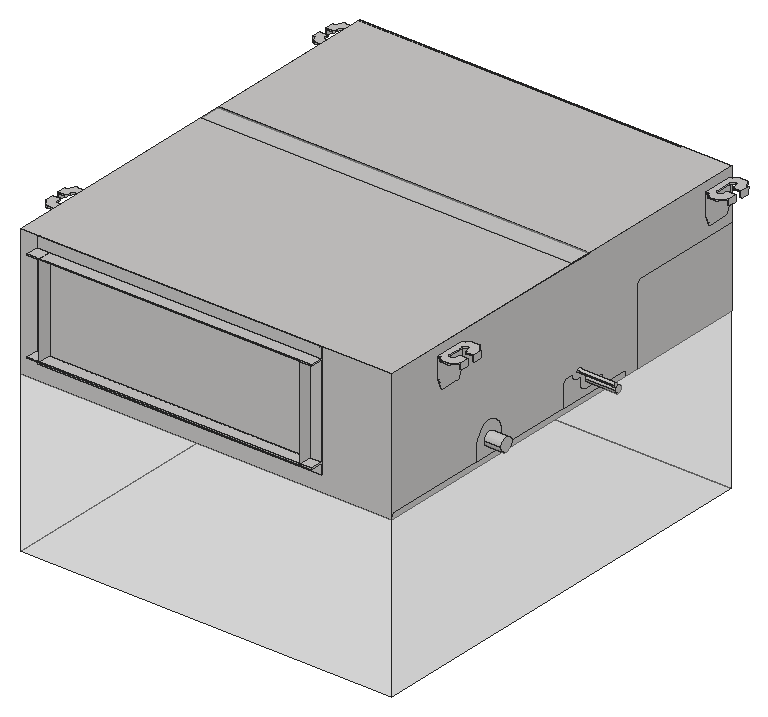
Revit family "outputfile", category 機械設備, Revit 2024
Family settings
  丸型コネクタ寸法 = 半径を使用
  パーツ タイプ = 標準
  OmniClass 番号 = 23.75.10.24.21.27.27
  OmniClass タイトル = Split System Air Conditioning Units
  作業面ベース = いいえ
  常に垂直 = はい
  ロード時にボイドで切り取り = いいえ
  注釈の向きを維持 = いいえ
  共有 = いいえ
  部屋計算ポイント = はい
Parameters (values of type "FDBF13EV2S")
  書き出し IFC クラス(タイプ) = "IfcUnitaryEquipmentType"
  定義済み IFC タイプ(タイプ) = "AIRCONDITIONINGUNIT"
  switch_frequency = yes
  ra duct size width = 0 mm
  ra duct size height [instance] = if(Rear Connection_Return Air, 203 mm, 204 mm)  # 203 mm
  lw_duct size width = 604 mm
  connector_voltage = Voltage_50Hz  # 220 V
  connector_powerinput = [Power Input (Cooling)]  # 1.120 kW
  connector_phase = Phase_50Hz  # 1
  RA_length [instance] = if(Rear Connection_Return Air, 126 mm, 125.5 mm)  # 126 mm
  angle_drainpipe [instance] = if(Right Connection_refrigerant, 90.00°, 270.00°)  # 90.00°
  angle_gaspipe [instance] = if(Right Connection_refrigerant, 90.00°, 270.00°)  # 90.00°
  angle_liquidpipe [instance] = if(Right Connection_refrigerant, 90.00°, 270.00°)  # 90.00°
  angle_Return Air [instance] = if(Rear Connection_Return Air, 90.00°, 0.00°)  # 90.00°
  Right Connection_refrigerant [instance] = yes
  Rear Connection_Return Air [instance] = not(Bottom Connection_Return Air)  # yes
  製造元 = "Daikin"
  モデル = "FDBF13EV2S"
  r_Liquid Pipe Size = Liquid Pipe Size / 2  # 3.2 mm
  r_Gas Pipe Size = Gas Pipe Size / 2  # 6.35 mm
  r_Drain Pipe Size = Drain Pipe Size / 2  # 12.5 mm
  lw_power = 60 mm  # constant formula
  lh_power = 30 mm  # constant formula
  ld_power = Depth / 2  # 400 mm
  Voltage_comment_50Hz = "220"
  Voltage_50Hz = 220 V
  Supply Air Direction [instance] = yes
  Phase_50Hz = 1
  Minimum External Static Pressure = 15.00 Pa
  Maximum External Static Pressure = 38.00 Pa
  Material_Casing = DAIKIN_GalvanizedSteel_Casing_indoorunit
  lw_mountinghole = 738 mm
  lh_gaspipe = 22 mm  # constant formula
  lh_mountinghole = 230 mm  # constant formula
  lh_liquidpipe = 185 mm  # constant formula
  lh_drainpipe = 207 mm  # constant formula
  lh_antena = (Height - lh_mountinghole) + 1 mm  # 16 mm
  ld_drainpipe = 228 mm  # constant formula
  ld_liquidpipe = 438 mm  # constant formula
  ld_gaspipe = 22 mm  # constant formula
  ld_mountinghole = 0 mm
  h*** = 0 mm
  lw_liquidpipe = 421 mm
  lw_gaspipe = 408 mm
  lw_drainpipe = 383 mm
  Width = 700 mm
  Version = "ver.1.0"
  Unit Type = "Duct"
  Unit Mass Weight = 26.00 kg
  Unit Designation [instance] = ""
  Uniclass2015Version = "Products v1.30"
  Uniclass2015Title = "Split coil room air conditioning units"
  Uniclass2015Code = "Pr_70_65_03_86"
  Total Cooling Capacity [instance] = 0.000 kW
  Sound Pressure Level_M speed (dBA) = 32
  Sound Pressure Level_L speed (dBA) = 25
  Sound Pressure Level_H speed (dBA) = 36
  Series = "SkyAir_Fan Coil Unit"
  Sensible Cooling Capacity [instance] = 0.000 kW
  SA Duct Size Width = 490 mm
  SA Duct Size Height = 174 mm
  Refrigerant Type = "R32"
  RA Duct Size Width = 563 mm
  RA Duct Size Height = 203 mm
  Power Input (Cooling) = 1.120 kW
  Option Accessory 3 [instance] = ""
  Option Accessory 2 [instance] = ""
  Option Accessory 1 [instance] = ""
  Nominal Cooling Capacity = 3.800 kW
  Minimum Airflow = 570.00 m³/h
  Median Airflow = 660.00 m³/h
  Maximum Airflow = 840.00 m³/h
  Load Classification = HVAC
  Liquid Pipe Size = 6.4 mm
  Link_Nested Family [instance] = ""
  Left Connection_refrigerant [instance] = not(Right Connection_refrigerant)  # no
  IfcVersion = ""
  IfcExportType = "AIRCONDITIONINGUNIT"
  IfcExportAs = "IfcUnitaryEquipmentType"
  Height = 245 mm
  Heat Exchanger Type = "Cross Fin Coil"
  Gas Pipe Size = 12.7 mm
  Frequency_50Hz = 50 Hz
  Fan Type = "Sirocco Fan"
  Fan Drive = "Direct Drive"
  FCU Tag No. [instance] = ""
  Drain Pipe Size = 25.0 mm
  Design Supply Airflow [instance] = 0.00 m³/h
  Design Return Airflow [instance] = 0.00 m³/h
  Design External Static Pressure [instance] = 0.00 Pa
  Depth = 800 mm
  既定の高さ = 0 mm
  Cooling Entering Wet Bulb Temperature [instance] = 0.00 °C
  Cooling Entering Dry Bulb Temperature [instance] = 0.00 °C
  Cooling Ambient Wet Bulb Temperature [instance] = 0.00 °C
  Cooling Ambient Dry Bulb Temperature [instance] = 0.00 °C
  Clearance visibility [instance] = yes
  Clearance Top = 0 mm
  Clearance Right = 0 mm
  Clearance Rear = 0 mm
  Clearance Left = 0 mm
  Clearance Front = 0 mm
  Clearance Bottom = 300 mm
  Bottom Connection_Return Air [instance] = no
Reference planes
  plane 1 "Center (Front/Back)": y = 0
  plane 2 "h": z = 0
  plane 3 "Center (Left/Right)": x = 0
  plane 4 "Back": y = 400
  plane 5 "Front": y = -400
  plane 6 "Left": x = -350
  plane 7 "Right": x = 350
  plane 8 "Top": z = 0
  plane 9 "Bottom": z = -245
  plane 10: y = 400
  plane 11: y = -400
  plane 12: x = -350
  plane 13: x = 350
  plane 14: z = 0
  plane 15: z = -545
  plane 16: y = 364
  plane 17: y = -266
  plane 18: z = -15
  plane 19: x = -317
  plane 20: x = -408
  plane 21: x = 408
  plane 22: x = -421
  plane 23: x = 421
  plane 24: y = 38
  plane 25: y = 60
  plane 26: y = -172
  plane 27: z = -207
  plane 28: z = -207
  plane 29: z = -185
  plane 30: x = -383
  plane 31: x = 383
  plane 32: x = 254.5
  plane 33: x = -349.5
  plane 34: y = 151.5
  plane 35: z = -215
  plane 36: x = 290
  plane 37: x = -47.5
  plane 38: y = 274
  plane 39: z = -119.5
  plane 40: x = -369
  plane 41: x = 369
Forms (mm)
  Extrusion 1, solid, material "DAIKIN_GalvanizedSteel_Casing_indoorunit" <- "Material_Casing"
    sketch origin (0, 0, 0) x (1, 0, 0) y (0, 1, 0)
      loop
        line (-350, 400) -> (-350, -400) -> (350, -400) -> (350, 400) -> (-350, 400)
    from -245 to 0
  Extrusion 2, solid, material "DAIKIN_GalvanizedSteel_Casing_indoorunit" <- "Material_Casing", visible <- "Right Connection_refrigerant"
    sketch origin (350, 0, 0) x (0, 1, 0) y (0, 0, 1)
      loop
        circle (-172, -207) r 12.5
    from 0 to 33
  Extrusion 3, solid, material "DAIKIN_GalvanizedSteel_Casing_indoorunit" <- "Material_Casing", visible <- "Left Connection_refrigerant"
    sketch origin (-350, 0, 0) x (0, 1, 0) y (0, 0, 1)
      loop
        circle (-172, -207) r 12.5
    from 0 to -33
  Extrusion 4, solid, material "DAIKIN_GalvanizedSteel_Casing_indoorunit" <- "Material_Casing", visible <- "Right Connection_refrigerant"
    sketch origin (350, 0, 0) x (0, 1, 0) y (0, 0, 1)
      loop
        circle (38, -185) r 3.2
    from 0 to 71
  Extrusion 5, solid, material "DAIKIN_GalvanizedSteel_Casing_indoorunit" <- "Material_Casing", visible <- "Right Connection_refrigerant"
    sketch origin (350, 0, 0) x (0, 1, 0) y (0, 0, 1)
      loop
        circle (60, -207) r 6.35
    from 0 to 58
  Extrusion 6, solid, material "DAIKIN_GalvanizedSteel_Casing_indoorunit" <- "Material_Casing", visible <- "Left Connection_refrigerant"
    sketch origin (-350, 0, 0) x (0, 1, 0) y (0, 0, 1)
      loop
        circle (60, -207) r 6.35
    from 0 to -58
  Extrusion 7, solid, material "DAIKIN_GalvanizedSteel_Casing_indoorunit" <- "Material_Casing", visible <- "Left Connection_refrigerant"
    sketch origin (-350, 0, 0) x (0, 1, 0) y (0, 0, 1)
      loop
        circle (38, -185) r 3.2
    from 0 to -71
  Extrusion 8, solid, material "DAIKIN_GalvanizedSteel_Casing_indoorunit" <- "Material_Casing", visible <- "Right Connection_refrigerant"
    sketch origin (350, 0, 0) x (0, 1, 0) y (0, 0, 1)
      loop
        line (22.284, -188) -> (7.5, -188)
        arc (7.5, -188) -> (5.379, -188.879) -> (4.5, -191) r 3
        line (4.5, -191) -> (4.5, -232)
        arc (4.5, -232) -> (5.379, -234.121) -> (7.5, -235) r 3
        line (7.5, -235) -> (91, -235)
        arc (91, -235) -> (93.121, -234.121) -> (94, -232) r 3
        line (94, -232) -> (94, -220)
        arc (94, -220) -> (93.121, -217.879) -> (91, -217) r 3
        line (91, -217) -> (75.564, -217)
        arc (75.564, -217) -> (51.595, -223.481) -> (42.766, -200.274) r 18.5
        arc (42.766, -200.274) -> (29.776, -198.725) -> (22.284, -188) r 16
    from 0 to -1
  Extrusion 9, solid, material "DAIKIN_GalvanizedSteel_Casing_indoorunit" <- "Material_Casing", visible <- "Left Connection_refrigerant"
    sketch origin (-350, 0, 0) x (0, 1, 0) y (0, 0, 1)
      loop
        line (22.284, -188) -> (7.5, -188)
        arc (7.5, -188) -> (5.379, -188.879) -> (4.5, -191) r 3
        line (4.5, -191) -> (4.5, -232)
        arc (4.5, -232) -> (5.379, -234.121) -> (7.5, -235) r 3
        line (7.5, -235) -> (91, -235)
        arc (91, -235) -> (93.121, -234.121) -> (94, -232) r 3
        line (94, -232) -> (94, -220)
        arc (94, -220) -> (93.121, -217.879) -> (91, -217) r 3
        line (91, -217) -> (75.564, -217)
        arc (75.564, -217) -> (51.595, -223.481) -> (42.766, -200.274) r 18.5
        arc (42.766, -200.274) -> (29.776, -198.725) -> (22.284, -188) r 16
    from 0 to 1
  Extrusion 10, solid, material "DAIKIN_GalvanizedSteel_Casing_indoorunit" <- "Material_Casing", visible <- "Right Connection_refrigerant"
    sketch origin (350, 0, 0) x (0, 1, 0) y (0, 0, 1)
      loop
        line (-199.5, -235) -> (-144.5, -235) -> (-144.5, -204.7)
        arc (-144.5, -204.7) -> (-152.555, -185.255) -> (-172, -177.2) r 27.5
        arc (-172, -177.2) -> (-191.445, -185.255) -> (-199.5, -204.7) r 27.5
        line (-199.5, -204.7) -> (-199.5, -235)
    from 0 to -1
  Extrusion 11, solid, material "DAIKIN_GalvanizedSteel_Casing_indoorunit" <- "Material_Casing", visible <- "Left Connection_refrigerant"
    sketch origin (-350, 0, 0) x (0, 1, 0) y (0, 0, 1)
      loop
        line (-199.5, -235) -> (-144.5, -235) -> (-144.5, -204.7)
        arc (-144.5, -204.7) -> (-152.555, -185.255) -> (-172, -177.2) r 27.5
        arc (-172, -177.2) -> (-191.445, -185.255) -> (-199.5, -204.7) r 27.5
        line (-199.5, -204.7) -> (-199.5, -235)
    from 0 to 1
  Extrusion 12, solid, material "DAIKIN_GalvanizedSteel_Casing_indoorunit" <- "Material_Casing", visible <- "Right Connection_refrigerant"
    sketch origin (350, 0, 0) x (0, 1, 0) y (0, 0, 1)
      loop
        line (400, -245) -> (400, -95.5) -> (182, -95.5)
        arc (182, -95.5) -> (179.879, -96.379) -> (179, -98.5) r 3
        line (179, -98.5) -> (179, -245) -> (400, -245)
    from 0 to -1
  Extrusion 13, solid, material "DAIKIN_GalvanizedSteel_Casing_indoorunit" <- "Material_Casing", visible <- "Bottom Connection_Return Air"
    sketch origin (0, 400, 0) x (-1, 0, 0) y (0, 0, 1)
      loop
        line (-254.5, 0) -> (-254.5, -245) -> (349.5, -245) -> (349.5, 0) -> (-254.5, 0)
    from 0 to -1
  Extrusion 14, solid, material "DAIKIN_GalvanizedSteel_Casing_indoorunit" <- "Material_Casing", visible <- "Rear Connection_Return Air"
    sketch origin (0, 0, -245) x (-1, 0, 0) y (0, -1, 0)
      loop
        line (349.5, -400) -> (349.5, -151.5) -> (-254.5, -151.5) -> (-254.5, -400) -> (349.5, -400)
    from 0 to 1
  Extrusion 15, solid, material "DAIKIN_GalvanizedSteel_Casing_indoorunit" <- "Material_Casing", visible <- "Right Connection_refrigerant"
    sketch origin (350, 0, 0) x (0, 1, 0) y (0, 0, 1)
      loop
        arc (-397, -235) -> (-399.121, -235.879) -> (-400, -238) r 3
        line (-400, -238) -> (-400, -245) -> (147.5, -245) -> (147.5, -238)
        arc (147.5, -238) -> (146.621, -235.879) -> (144.5, -235) r 3
        line (144.5, -235) -> (-397, -235)
    from 0 to -1
  Extrusion 16, solid, material "DAIKIN_GalvanizedSteel_Casing_indoorunit" <- "Material_Casing", visible <- "Left Connection_refrigerant"
    sketch origin (-350, 0, 0) x (0, 1, 0) y (0, 0, 1)
      loop
        arc (-397, -235) -> (-399.121, -235.879) -> (-400, -238) r 3
        line (-400, -238) -> (-400, -245) -> (147.5, -245) -> (147.5, -238)
        arc (147.5, -238) -> (146.621, -235.879) -> (144.5, -235) r 3
        line (144.5, -235) -> (-397, -235)
    from 0 to 1
  Extrusion 17, solid, material "DAIKIN_GalvanizedSteel_Casing_indoorunit" <- "Material_Casing", visible <- "Left Connection_refrigerant"
    sketch origin (-350, 0, 0) x (0, 1, 0) y (0, 0, 1)
      loop
        line (400, -245) -> (400, -95.5) -> (182, -95.5)
        arc (182, -95.5) -> (179.879, -96.379) -> (179, -98.5) r 3
        line (179, -98.5) -> (179, -245) -> (400, -245)
    from 0 to 1
  Extrusion 18, void
    sketch origin (0, 0, 0) x (-1, 0, 0) y (0, -1, 0)
      loop
        line (350, -66.5) -> (350, -25) -> (-350, -25) -> (-350, -66.5) -> (350, -66.5)
    from 0 to -1
Cuts and joins
  Extrusion 18 cuts Extrusion 1
Dimensions and locks
  "Height": plane 8 "Top" to plane 9 "Bottom"
  equal spacing: plane 4 "Back", plane 1 "Center (Front/Back)", plane 5 "Front"
  "Depth": plane 4 "Back" to plane 5 "Front"
  equal spacing: plane 6 "Left", plane 3 "Center (Left/Right)", plane 7 "Right"
  "Width": plane 6 "Left" to plane 7 "Right"
  "Clearance Left": plane 12 to plane 6 "Left"
  "Clearance Right": plane 7 "Right" to plane 13
  "Clearance Rear": plane 10 to plane 4 "Back"
  "Clearance Front": plane 5 "Front" to plane 11
  "Clearance Top": plane 14 to plane 8 "Top"
  "Clearance Bottom": plane 9 "Bottom" to plane 15
  locked: plane 4 "Back" to plane 16 at 36
  locked: plane 17 to plane 5 "Front" at 134
  locked: plane 6 "Left" to plane 19 at 33
  "ld_liquidpipe": plane 24 to plane 5 "Front"
  "ld_drainpipe": plane 26 to plane 5 "Front"
  "ld_gaspipe": plane 25 to plane 24
  "lh_drainpipe": plane 8 "Top" to plane 28
  "lh_liquidpipe": plane 8 "Top" to plane 29
  "lh_gaspipe": plane 29 to plane 27
  locked: plane 7 "Right" to plane 32 at 95.5
  locked: plane 33 to plane 6 "Left" at 0.5
  locked: plane 4 "Back" to plane 34 at 248.5
  "lw_drainpipe": plane 3 "Center (Left/Right)" to plane 31
  "lw_drainpipe": plane 30 to plane 3 "Center (Left/Right)"
  "lw_gaspipe": plane 3 "Center (Left/Right)" to plane 21
  "lw_gaspipe": plane 20 to plane 3 "Center (Left/Right)"
  "lw_liquidpipe": plane 3 "Center (Left/Right)" to plane 23
  "lw_liquidpipe": plane 22 to plane 3 "Center (Left/Right)"
  "lw_power": plane 7 "Right" to plane 36
  "lh_power": plane 9 "Bottom" to plane 35
  equal spacing: plane 33, plane 37, plane 32
  locked: plane 4 "Back" to plane 38 at 126
  locked: plane 9 "Bottom" to plane 39 at 125.5
  equal spacing: plane 40, plane 3 "Center (Left/Right)", plane 41
  "lw_mountinghole": plane 40 to plane 41
  "lh_mountinghole": plane 18 to plane 9 "Bottom"
  locked: Extrusion 18 sketch curve to Extrusion 18 sketch curve at 41.5
  locked: plane 1 "Center (Front/Back)" to Extrusion 18 sketch curve at 25
  "r_Drain Pipe Size": radius of Extrusion 2 sketch curve
  "r_Drain Pipe Size": radius of Extrusion 3 sketch curve
  "r_Liquid Pipe Size": radius of Extrusion 4 sketch curve
  "r_Gas Pipe Size": radius of Extrusion 5 sketch curve
  "r_Gas Pipe Size": radius of Extrusion 6 sketch curve
  "r_Liquid Pipe Size": radius of Extrusion 7 sketch curve
  aligned and locked: level to plane 2 "h"
  aligned and locked: plane 8 "Top" to Extrusion 1
  aligned and locked: Extrusion 1 to plane 9 "Bottom"
  aligned and locked: nested 2 to plane 11
  aligned and locked: plane 12 to nested 2
  aligned and locked: plane 13 to nested 2
  aligned and locked: nested 2 to plane 12
  aligned and locked: plane 10 to nested 2
  aligned and locked: plane 14 to nested 2
  aligned and locked: plane 15 to nested 2
  aligned and locked: plane 5 "Front" to Extrusion 1 sketch curve
  aligned and locked: level to plane 8 "Top"
  aligned and locked: nested 3 to plane 6 "Left"
  aligned and locked: nested 6 to plane 6 "Left"
  aligned and locked: plane 7 "Right" to nested 5
  aligned and locked: plane 7 "Right" to nested 4
  aligned and locked: nested 3 to plane 16
  aligned and locked: plane 16 to nested 4
  aligned and locked: plane 17 to nested 6
  aligned and locked: nested 5 to plane 17
  aligned and locked: plane 18 to nested 3
  aligned and locked: plane 18 to nested 6
  aligned and locked: plane 18 to nested 4
  aligned and locked: plane 18 to nested 5
  aligned and locked: nested 7 to plane 5 "Front"
  aligned and locked: nested 7 to plane 19
  aligned and locked: plane 28 to Extrusion 2 sketch curve
  aligned and locked: plane 26 to Extrusion 2 sketch curve
  aligned and locked: plane 31 to Extrusion 2
  aligned and locked: plane 28 to Extrusion 3 sketch curve
  aligned and locked: plane 26 to Extrusion 3 sketch curve
  aligned and locked: Extrusion 3 to plane 30
  aligned and locked: plane 29 to Extrusion 4 sketch curve
  aligned and locked: plane 24 to Extrusion 4 sketch curve
  aligned and locked: plane 23 to Extrusion 4
  aligned and locked: plane 28 to Extrusion 5 sketch curve
  aligned and locked: plane 25 to Extrusion 5 sketch curve
  aligned and locked: plane 21 to Extrusion 5
  aligned and locked: plane 28 to Extrusion 6 sketch curve
  aligned and locked: plane 25 to Extrusion 6 sketch curve
  aligned and locked: Extrusion 6 to plane 20
  aligned and locked: plane 29 to Extrusion 7 sketch curve
  aligned and locked: plane 24 to Extrusion 7 sketch curve
  aligned and locked: Extrusion 7 to plane 22
  aligned and locked: Extrusion 13 to plane 33
  aligned and locked: plane 32 to Extrusion 13
  aligned and locked: plane 8 "Top" to Extrusion 13
  aligned and locked: Extrusion 13 to plane 9 "Bottom"
  aligned and locked: Extrusion 14 to plane 33
  aligned and locked: plane 32 to Extrusion 14
  aligned and locked: Extrusion 14 to plane 34
  aligned and locked: plane 4 "Back" to Extrusion 14
  aligned and locked: nested 8 to plane 4 "Back"
  aligned and locked: nested 8 to plane 33
  aligned and locked: plane 8 "Top" to nested 8
  aligned and locked: nested 9 to plane 34
  aligned and locked: plane 4 "Back" to nested 9
  aligned and locked: plane 32 to nested 9
  aligned and locked: nested 9 to plane 9 "Bottom"
  aligned and locked: nested 10 to plane 26
  aligned and locked: plane 3 "Center (Left/Right)" to nested 10
  aligned and locked: nested 10 to plane 28
  aligned and locked: nested 11 to plane 24
  aligned and locked: plane 3 "Center (Left/Right)" to nested 11
  aligned and locked: nested 11 to plane 29
  aligned and locked: nested 12 to plane 25
  aligned and locked: plane 3 "Center (Left/Right)" to nested 12
  aligned and locked: nested 12 to plane 28
  aligned and locked: nested 13 to plane 35
  aligned and locked: nested 13 to plane 36
  aligned and locked: nested 13 to plane 1 "Center (Front/Back)"
  aligned and locked: plane 37 to nested 14
  aligned and locked: nested 14 to plane 38
  aligned and locked: plane 38 to nested 14  (x2)
  aligned and locked: plane 40 to nested 15
  aligned and locked: plane 17 to nested 15
  aligned and locked: plane 40 to nested 16
  aligned and locked: nested 16 to plane 16
  aligned and locked: plane 41 to nested 18
  aligned and locked: plane 17 to nested 18
  aligned and locked: plane 41 to nested 17
  aligned and locked: nested 17 to plane 16
  aligned and locked: plane 1 "Center (Front/Back)" to nested 1
  aligned and locked: plane 3 "Center (Left/Right)" to nested 1
  aligned and locked: plane 6 "Left" to Extrusion 18 sketch curve
  aligned and locked: Extrusion 18 sketch curve to plane 7 "Right"
  aligned and locked: plane 8 "Top" to nested 7
Automatic sketch dimensions
  Extrusion 1 sketch curve to plane 6 "Left" = 0 mm
  Extrusion 1 sketch curve to plane 7 "Right" = 0 mm
  Extrusion 1 sketch curve to plane 4 "Back" = 0 mm
  Extrusion 8 sketch curve to plane 24 = 0 mm
  Extrusion 8 sketch curve to plane 25 = 0 mm
  Extrusion 8 sketch curve to plane 27 = 0 mm
  Extrusion 8 sketch curve to plane 29 = 0 mm
  Extrusion 8 sketch curve to plane 29 = 3 mm
  Extrusion 8 sketch curve to plane 24 = 15.716 mm
  Extrusion 8 sketch curve to plane 1 "Center (Front/Back)" = 7.5 mm  (x2)
  Extrusion 8 sketch curve to Extrusion 8 sketch curve = 3 mm
  Extrusion 8 sketch curve to plane 35 = 2 mm
  plane 25 to Extrusion 8 sketch curve = 15.564 mm
  plane 9 "Bottom" to Extrusion 8 sketch curve = 10 mm
  Extrusion 8 sketch curve to Extrusion 8 sketch curve = 15.436 mm
  Extrusion 8 sketch curve to plane 35 = 5 mm
  Extrusion 8 sketch curve to Extrusion 8 sketch curve = 0 mm
  Extrusion 9 sketch curve to plane 24 = 0 mm
  Extrusion 9 sketch curve to plane 25 = 0 mm
  Extrusion 9 sketch curve to plane 27 = 0 mm
  Extrusion 9 sketch curve to plane 29 = 0 mm
  Extrusion 9 sketch curve to plane 29 = 3 mm
  Extrusion 9 sketch curve to plane 24 = 15.716 mm
  Extrusion 9 sketch curve to plane 1 "Center (Front/Back)" = 7.5 mm  (x2)
  Extrusion 9 sketch curve to Extrusion 9 sketch curve = 3 mm
  Extrusion 9 sketch curve to plane 35 = 2 mm
  plane 25 to Extrusion 9 sketch curve = 15.564 mm
  plane 9 "Bottom" to Extrusion 9 sketch curve = 10 mm
  Extrusion 9 sketch curve to Extrusion 9 sketch curve = 15.436 mm
  Extrusion 9 sketch curve to plane 35 = 5 mm
  Extrusion 9 sketch curve to Extrusion 9 sketch curve = 0 mm
  Extrusion 10 sketch curve to Extrusion 10 sketch curve = 0 mm  (x2)
  Extrusion 10 sketch curve to plane 26 = 0 mm
  plane 9 "Bottom" to Extrusion 10 sketch curve = 10 mm
  Extrusion 10 sketch curve to plane 26 = 27.5 mm
  plane 27 to Extrusion 10 sketch curve = 2.3 mm
  Extrusion 11 sketch curve to Extrusion 11 sketch curve = 0 mm  (x2)
  Extrusion 11 sketch curve to plane 26 = 0 mm
  plane 9 "Bottom" to Extrusion 11 sketch curve = 10 mm
  Extrusion 11 sketch curve to plane 26 = 27.5 mm
  plane 27 to Extrusion 11 sketch curve = 2.3 mm
  Extrusion 12 sketch curve to plane 9 "Bottom" = 0 mm
  Extrusion 12 sketch curve to plane 4 "Back" = 0 mm
  plane 34 to Extrusion 12 sketch curve = 30.5 mm
  Extrusion 12 sketch curve to Extrusion 12 sketch curve = 3 mm
  plane 39 to Extrusion 12 sketch curve = 21 mm
  Extrusion 13 sketch curve to plane 9 "Bottom" = 0 mm
  Extrusion 13 sketch curve to plane 32 = 0 mm
  Extrusion 13 sketch curve to plane 33 = 0 mm
  Extrusion 13 sketch curve to level = 0 mm
  Extrusion 14 sketch curve to plane 4 "Back" = 0 mm
  Extrusion 14 sketch curve to plane 32 = 0 mm
  Extrusion 14 sketch curve to plane 33 = 0 mm
  Extrusion 14 sketch curve to plane 34 = 0 mm
  Extrusion 15 sketch curve to plane 5 "Front" = 0 mm
  Extrusion 15 sketch curve to plane 9 "Bottom" = 0 mm
  Extrusion 15 sketch curve to Extrusion 15 sketch curve = 3 mm
  Extrusion 15 sketch curve to plane 34 = 7 mm
  Extrusion 15 sketch curve to plane 34 = 4 mm
  Extrusion 15 sketch curve to Extrusion 15 sketch curve = 7 mm
  Extrusion 16 sketch curve to plane 5 "Front" = 0 mm
  Extrusion 16 sketch curve to plane 9 "Bottom" = 0 mm
  Extrusion 16 sketch curve to Extrusion 16 sketch curve = 3 mm
  Extrusion 16 sketch curve to plane 34 = 7 mm
  Extrusion 16 sketch curve to plane 34 = 4 mm
  plane 9 "Bottom" to Extrusion 16 sketch curve = 7 mm
  Extrusion 17 sketch curve to plane 9 "Bottom" = 0 mm
  Extrusion 17 sketch curve to plane 4 "Back" = 0 mm
  plane 34 to Extrusion 17 sketch curve = 30.5 mm
  Extrusion 17 sketch curve to Extrusion 17 sketch curve = 3 mm
  plane 39 to Extrusion 17 sketch curve = 21 mm
Nested families
  nested 1: "daikin_△_symbolicline" at (0, 0, 245), built-in parameter 1001364 <- "Height", visible <- "Supply Air Direction", type "daikin_△_symbolicline"
    with length 200 mm
  nested 2: "daikin_clearancespace" at (0, 0, -272.381), visible <- "Clearance visibility", show <- "Clearance visibility", Link_Nested Family <- "Link_Nested Family", type "daikin_clearancespace"
    with width 700 mm, show yes, height 545 mm, depth 800 mm, Link_Nested Family ""
  nested 3: "daikin_hangerfixture_FDBF-EV2S" at (-350, 364, -15) x (0, -1, 0) z (0, 0, 1), type "daikin_hangerfixture_FDBF-EV2S"
  nested 4: "daikin_hangerfixture_FDBF-EV2S" at (350, 364, -15) x (0, 1, 0) z (0, 0, 1), type "daikin_hangerfixture_FDBF-EV2S"
  nested 5: "daikin_hangerfixture_FDBF-EV2S" at (350, -266, -15) x (0, 1, 0) z (0, 0, 1), type "daikin_hangerfixture_FDBF-EV2S"
  nested 6: "daikin_hangerfixture_FDBF-EV2S" at (-350, -266, -15) x (0, -1, 0) z (0, 0, 1), type "daikin_hangerfixture_FDBF-EV2S"
  nested 7: "daikin_ductflange_FDBF-EV2S_2" at (-49.5, -400, -108), type "daikin_ductflange_FDBF-EV2S_2"
  nested 8: "daikin_ductflange_FDBF-EV2S" at (-47.5, 400, -122.5), width <- "lw_duct size width", visible <- "Rear Connection_Return Air", material <- "Material_Casing", type "daikin_ductflange_FDBF-EV2S"
    with width 604 mm, material DAIKIN_GalvanizedSteel_Casing_indoorunit, height 245 mm, depth 1 mm
  nested 9: "daikin_ductflange_FDBF-EV2S_1" at (-47.5, 275.75, -244) x (1, 0, 0) z (0, -1, 0), width <- "lw_duct size width", visible <- "Bottom Connection_Return Air", material <- "Material_Casing", type "daikin_ductflange_FDBF-EV2S_1"
    with width 604 mm, material DAIKIN_GalvanizedSteel_Casing_indoorunit, height 248.5 mm, depth 1 mm
  nested 10: "daikin_connector_rotate3" at (0, -172, -207), length <- "lw_drainpipe", radius <- "r_Drain Pipe Size", angle_vertical <- "angle_drainpipe", type "daikin_connector_rotate3"
    with show no, radius 12.5 mm, length 383 mm, angle_vertical 90.00°, angle_horizontal 90.00°
  nested 11: "daikin_connector_rotate3" at (0, 38, -185), length <- "lw_liquidpipe", radius <- "r_Liquid Pipe Size", angle_vertical <- "angle_liquidpipe", type "daikin_connector_rotate3"
    with show no, radius 3.2 mm, length 421 mm, angle_vertical 90.00°, angle_horizontal 90.00°
  nested 12: "daikin_connector_rotate3" at (0, 60, -207), length <- "lw_gaspipe", radius <- "r_Gas Pipe Size", angle_vertical <- "angle_gaspipe", type "daikin_connector_rotate3"
    with show no, radius 6.35 mm, length 408 mm, angle_vertical 90.00°, angle_horizontal 90.00°
  nested 13: "daikin_connector_rotate2" at (290, 0, -215) x (-1, 0, 0) z (0, 0, 1), length <- "ld_power", type "daikin_connector_rotate2"
    with radius 10 mm, length 400 mm, angle_vertical 90.00°
  nested 14: "daikin_connector_rotate3" at (-47.5, 274, -119.5), angle_vertical <- "angle_Return Air", length <- "RA_length", type "daikin_connector_rotate3"
    with show no, radius 10 mm, length 126 mm, angle_vertical 90.00°, angle_horizontal 180.00°
  nested 15: "daikin_mountinghole" at (-369, -266, -245), h_mountinghole <- "lh_mountinghole", l_antenna <- "lh_antena", Link_Nested Family <- "Link_Nested Family", type "daikin_mountinghole"
    with show yes, l_antenna 16 mm, h_mountinghole 230 mm, Link_Nested Family ""
  nested 16: "daikin_mountinghole" at (-369, 364, -245), h_mountinghole <- "lh_mountinghole", l_antenna <- "lh_antena", Link_Nested Family <- "Link_Nested Family", type "daikin_mountinghole"
    with show yes, l_antenna 16 mm, h_mountinghole 230 mm, Link_Nested Family ""
  nested 17: "daikin_mountinghole" at (369, 364, -245), h_mountinghole <- "lh_mountinghole", l_antenna <- "lh_antena", type "daikin_mountinghole"
    with show yes, l_antenna 16 mm, h_mountinghole 230 mm, Link_Nested Family ""
  nested 18: "daikin_mountinghole" at (369, -266, -245), h_mountinghole <- "lh_mountinghole", l_antenna <- "lh_antena", type "daikin_mountinghole"
    with show yes, l_antenna 16 mm, h_mountinghole 230 mm, Link_Nested Family ""
Connectors
  hvac at (-49.5, -425, -108), driven by "SA Duct Size Height", driven by "SA Duct Size Width"
    settings: on nested 7, index 1, duct flow 0.00 m³/h, flow factor 0, pres drop 0.00 Pa, loss coef 0, conn angle 0.00°, conn width 490.0 mm, conn height 174.0 mm, conn diameter 609.6 mm, duct sys type 1, conn prof type 1, flow config 0, flow direction 2, loss method 4, conn ref index -1, conn util no, is conn primary yes, conn desc "SA Duct"
  piping at (408, 60, -207), diameter 12.7, driven by "r_Gas Pipe Size"
    settings: on nested 12, index 4, connector inside diameter 609.6 mm, connector length 0 mm, flow factor 0, pipe flow 0.00 m³/h, pressure drop 0.0 Pa, fitting loss kfactor 0, connector angle 0.00°, fixture units 0, engagement length 0 mm, angle of deflection 0.00°, flow configuration 1, flow direction 2, fitting loss method 0, system type 29, joint type 0, gender type 0, connector reference index -1, connector utility 0, adjustable connector no, is connector primary yes, connector description "Refrigerant Gas Piping"
  piping at (421, 38, -185), diameter 6.4, driven by "r_Liquid Pipe Size"
    settings: on nested 11, index 5, connector inside diameter 609.6 mm, connector length 0 mm, flow factor 0, pipe flow 0.00 m³/h, pressure drop 0.0 Pa, fitting loss kfactor 0, connector angle 0.00°, fixture units 0, engagement length 0 mm, angle of deflection 0.00°, flow configuration 1, flow direction 1, fitting loss method 0, system type 29, joint type 0, gender type 0, connector reference index -1, connector utility 0, adjustable connector no, is connector primary no, connector description "Refrigerant Liquid Piping"
  piping at (383, -172, -207), diameter 25, driven by "r_Drain Pipe Size"
    settings: on nested 10, index 6, connector inside diameter 609.6 mm, connector length 0 mm, flow factor 0, pipe flow 0.00 m³/h, pressure drop 0.0 Pa, fitting loss kfactor 0, connector angle 0.00°, fixture units 0, engagement length 0 mm, angle of deflection 0.00°, flow configuration 1, flow direction 2, fitting loss method 4, system type 16, joint type 0, gender type 0, connector reference index -1, connector utility 0, adjustable connector no, is connector primary no, connector description "Condensate Drain Piping"
  hvac at (-47.5, 400, -119.5), driven by "ra duct size height", driven by "RA Duct Size Width"
    settings: on nested 14, index 7, duct flow 0.00 m³/h, flow factor 0, pres drop 0.00 Pa, loss coef 0, conn angle 0.00°, conn width 563.0 mm, conn height 203.0 mm, conn diameter 609.6 mm, duct sys type 2, conn prof type 1, flow config 0, flow direction 1, loss method 4, conn ref index -1, conn util no, is conn primary no, conn desc "RA Duct"
  electrical at (290, 400, -215), driven by "Load Classification", driven by "connector_powerinput", driven by "connector_voltage", driven by "connector_phase"
    settings: on nested 13, index 8, voltage 220 V, apparent load 1120 VA, apparent load phase1 0 VA, apparent load phase2 0 VA, apparent load phase3 0 VA, power factor 1, load classification "HVAC", number of poles 1, system type 30, power factor state 1, is connector primary yes, connector utility no, sub classification motor no, connector description "Power Supply"
Definition of nested family "daikin_clearancespace"
  Parameters (values of type "daikin_clearancespace")
    Description = "daikin_clearancespace"
    width [instance] = 1823.963 mm
    show [instance] = yes
    material = none
    height [instance] = 1359.762 mm
    depth [instance] = 880 mm
    Default Elevation = 0 mm
    Link_Nested Family [instance] = ""
  Reference planes
    plane 1 "Center (Front/Back)": y = 0
    plane 2 "Center (Elevation)": z = -0.119
    plane 3 "Center (Left/Right)": x = 0
    plane 4: y = 440
    plane 5: y = -440
    plane 6 "Right": x = 911.982
    plane 7 "Left": x = -911.982
    plane 8 "Top": z = 679.762
    plane 9 "Bottom": z = -680
  Forms (mm)
    Extrusion 1, solid, material <- "material", visible <- "show"
      sketch origin (0, 0, 0) x (1, 0, 0) y (0, 1, 0)
        loop
          line (-911.982, 440) -> (-911.982, -440) -> (911.982, -440) -> (911.982, 440) -> (-911.982, 440)
      from -680 to 679.762
  Lines and regions (mm)
    symbolic lines, visible <- "show"
      curve 1: line (911.982, 440, 0) -> (-911.982, 440, 0)
      curve 2: line (-911.982, 440, 0) -> (-911.982, -440, 0)
      curve 3: line (-911.982, -440, 0) -> (911.982, -440, 0)
      curve 4: line (911.982, -440, 0) -> (911.982, 440, 0)
      curve 5: line (911.982, 0, 679.762) -> (-911.982, 0, 679.762)
      curve 6: line (911.982, 0, -680) -> (911.982, 0, 679.762)
      curve 7: line (-911.982, 0, -680) -> (911.982, 0, -680)
      curve 8: line (-911.982, 0, 679.762) -> (-911.982, 0, -680)
      curve 9: line (0, 440, 679.762) -> (0, -440, 679.762)
      curve 10: line (0, -440, 679.762) -> (0, -440, -680)
      curve 11: line (0, 440, -680) -> (0, 440, 679.762)
      curve 12: line (0, -440, -680) -> (0, 440, -680)
  Dimensions and locks
    "width": plane 7 "Left" to plane 6 "Right"
    "depth": plane 4 to plane 5
    "height": plane 8 "Top" to plane 9 "Bottom"
    equal spacing: plane 7 "Left", plane 3 "Center (Left/Right)", plane 6 "Right"
    equal spacing: plane 4, plane 1 "Center (Front/Back)", plane 5
    equal spacing: plane 8 "Top", plane 2 "Center (Elevation)", plane 9 "Bottom"
    aligned and locked: level to plane 2 "Center (Elevation)"
    aligned and locked: Extrusion 1 sketch curve to plane 4
    aligned and locked: plane 7 "Left" to Extrusion 1 sketch curve
    aligned and locked: Extrusion 1 sketch curve to plane 5
    aligned and locked: Extrusion 1 sketch curve to plane 6 "Right"
    aligned and locked: plane 8 "Top" to Extrusion 1
    aligned and locked: curve 1 to Extrusion 1
    aligned and locked: curve 2 to Extrusion 1
    aligned and locked: curve 3 to Extrusion 1
    aligned and locked: curve 4 to Extrusion 1
    aligned and locked: curve 5 to Extrusion 1
    aligned and locked: curve 6 to Extrusion 1
    aligned and locked: curve 7 to Extrusion 1
    aligned and locked: curve 8 to Extrusion 1
    aligned and locked: curve 9 to Extrusion 1
    aligned and locked: curve 10 to Extrusion 1
    aligned and locked: curve 11 to Extrusion 1
    aligned and locked: curve 12 to Extrusion 1
    aligned and locked: Extrusion 1 to plane 9 "Bottom"
Definition of nested family "daikin_hangerfixture_FDBF-EV2S"
  Parameters (values of type "daikin_hangerfixture_FDBF-DV2S")
    width = 72 mm
    material = none
    height = 60 mm
    depth = 41 mm
    Default Elevation = 0 mm
  Reference planes
    plane 1 "Center (Front/Back)": y = 0
    plane 2: z = 0
    plane 3 "Center (Left/Right)": x = 0
    plane 4: y = 417.146
    plane 5: y = -41
    plane 6: x = -36
    plane 7: x = 36
    plane 8: z = -2.3
    plane 9: z = -60
    plane 10: y = -2.3
    plane 11: z = -12
    plane 12: y = -38.7
  Forms (mm)
    Extrusion 1, solid, material <- "material"
      sketch origin (0, 0, 0) x (1, 0, 0) y (0, 1, 0)
        loop
          line (-28, 0) -> (-28, -5)
          arc (-28, -5) -> (-29.127, -8.162) -> (-32, -9.899) r 5
          arc (-32, -9.899) -> (-34.873, -11.636) -> (-36, -14.798) r 5
          line (-36, -14.798) -> (-36, -27.178)
          arc (-36, -27.178) -> (-35.429, -29.499) -> (-33.846, -31.289) r 5
          line (-33.846, -31.289) -> (-23, -38.798) -> (-23, -41.3) -> (-6.5, -41.3) -> (-6.5, -28.498)
          arc (-6.5, -28.498) -> (-7.379, -26.377) -> (-9.5, -25.498) r 3
          line (-9.5, -25.498) -> (-13.5, -25.498)
          arc (-13.5, -25.498) -> (-20, -18.998) -> (-13.5, -12.498) r 6.5
          line (-13.5, -12.498) -> (13.5, -12.498)
          arc (13.5, -12.498) -> (20, -18.998) -> (13.5, -25.498) r 6.5
          line (13.5, -25.498) -> (9.5, -25.498)
          arc (9.5, -25.498) -> (7.379, -26.377) -> (6.5, -28.498) r 3
          line (6.5, -28.498) -> (6.5, -41.3) -> (23, -41.3) -> (23, -38.798) -> (33.846, -31.289)
          arc (33.846, -31.289) -> (35.429, -29.499) -> (36, -27.178) r 5
          line (36, -27.178) -> (36, -14.596)
          arc (36, -14.596) -> (34.873, -11.434) -> (32, -9.697) r 5
          arc (32, -9.697) -> (29.127, -7.96) -> (28, -4.798) r 5
          line (28, -4.798) -> (28, 0) -> (-28, 0)
      from 0 to -2.3
    Extrusion 2, solid, material <- "material"
      sketch origin (0, 0, 0) x (1, 0, 0) y (0, 0, 1)
        loop
          line (28, -39.037) -> (28, 0) -> (-28, 0) -> (-28, -39.037)
          arc (-28, -39.037) -> (-27.91, -39.983) -> (-27.642, -40.894) r 5
          line (-27.642, -40.894) -> (-21.257, -56.857)
          arc (-21.257, -56.857) -> (-19.418, -59.14) -> (-16.615, -60) r 5
          line (-16.615, -60) -> (16.615, -60)
          arc (16.615, -60) -> (19.418, -59.14) -> (21.257, -56.857) r 5
          line (21.257, -56.857) -> (27.642, -40.894)
          arc (27.642, -40.894) -> (27.91, -39.983) -> (28, -39.037) r 5
      from 0 to 2.3
    Extrusion 3, solid, material <- "material"
      sketch origin (23, -41.3, 0) x (-1, 0, 0) y (0, 0, -1)
        loop
          line (46, 0) -> (46, 9)
          arc (46, 9) -> (45.121, 11.121) -> (43, 12) r 3
          line (43, 12) -> (32.5, 12)
          arc (32.5, 12) -> (30.379, 11.121) -> (29.5, 9) r 3
          line (29.5, 9) -> (29.5, 0) -> (46, 0)
        loop
          line (0, 0) -> (16.5, 0) -> (16.5, 9)
          arc (16.5, 9) -> (15.621, 11.121) -> (13.5, 12) r 3
          line (13.5, 12) -> (3, 12)
          arc (3, 12) -> (0.879, 11.121) -> (0, 9) r 3
          line (0, 9) -> (0, 0)
      from 0 to -2.3
  Cuts and joins
    joined: Extrusion 1, Extrusion 2, Extrusion 3
  Dimensions and locks
    plane 2 to plane 8 = 2.3 mm
    "height": plane 2 to plane 9
    locked: plane 10 to plane 1 "Center (Front/Back)" at 2.3
    locked: plane 2 to plane 11 at 12
    locked: plane 12 to plane 5 at 2.3
    "width": plane 6 to plane 7
    "depth": plane 1 "Center (Front/Back)" to plane 5
    aligned and locked: level to plane 2
    aligned and locked: Extrusion 1 to plane 8
    aligned and locked: plane 2 to Extrusion 1
    aligned and locked: plane 2 to Extrusion 2 sketch curve
    aligned and locked: Extrusion 2 to plane 10
    aligned and locked: Extrusion 2 to plane 1 "Center (Front/Back)"
    aligned and locked: Extrusion 3 sketch curve to cut or joined group of Extrusion 1, Extrusion 2, Extrusion 3  (x3)
  Automatic sketch dimensions
    Extrusion 2 sketch curve to plane 7 = 8 mm
    Extrusion 2 sketch curve to plane 8 = 36.737 mm
    plane 6 to Extrusion 2 sketch curve = 19.385 mm
    Extrusion 1 sketch curve to plane 6 = 0 mm
    plane 1 "Center (Front/Back)" to Extrusion 1 sketch curve = 0 mm
    Extrusion 1 sketch curve to plane 7 = 0 mm
    plane 6 to Extrusion 1 sketch curve = 2.154 mm
    plane 6 to Extrusion 1 sketch curve = 3 mm
    Extrusion 1 sketch curve to Extrusion 1 sketch curve = 5 mm  (x3)
    Extrusion 1 sketch curve to plane 12 = 0.098 mm  (x2)
    Extrusion 1 sketch curve to Extrusion 1 sketch curve = 4 mm  (x2)
    Extrusion 1 sketch curve to plane 5 = 0.3 mm  (x2)
    Extrusion 1 sketch curve to plane 3 "Center (Left/Right)" = 6.5 mm
    plane 3 "Center (Left/Right)" to Extrusion 1 sketch curve = 6.5 mm
    Extrusion 1 sketch curve to Extrusion 1 sketch curve = 3 mm
    Extrusion 1 sketch curve to plane 7 = 8 mm
    Extrusion 1 sketch curve to plane 7 = 5 mm
    Extrusion 1 sketch curve to plane 7 = 3 mm
    Extrusion 1 sketch curve to plane 7 = 2.154 mm
    plane 12 to Extrusion 1 sketch curve = 7.411 mm  (x2)
    plane 12 to Extrusion 1 sketch curve = 10.202 mm  (x2)
    Extrusion 1 sketch curve to Extrusion 1 sketch curve = 6.5 mm  (x2)
    Extrusion 1 sketch curve to Extrusion 1 sketch curve = 12.38 mm
    Extrusion 1 sketch curve to plane 10 = 12.296 mm
    Extrusion 1 sketch curve to plane 10 = 2.7 mm
    Extrusion 1 sketch curve to plane 10 = 2.498 mm
    plane 6 to Extrusion 1 sketch curve = 4 mm
    Extrusion 1 sketch curve to Extrusion 1 sketch curve = 0 mm  (x2)
    Extrusion 1 sketch curve to plane 7 = 4 mm
    Extrusion 1 sketch curve to Extrusion 1 sketch curve = 4.111 mm
    Extrusion 2 sketch curve to plane 9 = 0 mm
    Extrusion 2 sketch curve to Extrusion 2 sketch curve = 11.385 mm
    plane 6 to Extrusion 2 sketch curve = 8 mm
    plane 9 to Extrusion 2 sketch curve = 20.963 mm
    Extrusion 2 sketch curve to Extrusion 2 sketch curve = 5 mm  (x2)
    plane 9 to Extrusion 2 sketch curve = 3.143 mm  (x3)
    Extrusion 2 sketch curve to Extrusion 2 sketch curve = 4.642 mm  (x2)
    Extrusion 2 sketch curve to Extrusion 2 sketch curve = 0 mm  (x2)
    Extrusion 2 sketch curve to Extrusion 2 sketch curve = 0.358 mm
    Extrusion 2 sketch curve to Extrusion 2 sketch curve = 1.857 mm  (x2)
    Extrusion 1 to Extrusion 3 sketch curve = 0 mm
    Extrusion 3 sketch curve to Extrusion 1 = 0 mm  (x2)
    Extrusion 3 sketch curve to Extrusion 1 = 3 mm
    Extrusion 3 sketch curve to Extrusion 3 sketch curve = 3 mm  (x3)
    Extrusion 3 sketch curve to Extrusion 1 = 6.7 mm  (x2)
Definition of nested family "daikin_ductflange_FDBF-EV2S_2"
  Parameters (values of type "daikin_ductflange_FDBF-DV2S_2")
    width = if(w = 700 mm, 535 mm, if(w = 1000 mm, 835 mm, 535 mm))  # 535 mm
    w = 700 mm
    material = none
    height = 174 mm
    depth = 25 mm
    Default Elevation = 0 mm
  Reference planes
    plane 1 "Center (Front/Back)": y = 0
    plane 2: z = 0
    plane 3 "Center (Left/Right)": x = 0
    plane 4: y = -25
    plane 5: x = -267.5
    plane 6: x = 267.5
    plane 7: x = 245
    plane 8: x = -245
    plane 9: x = 246
    plane 10: x = -246
    plane 11: y = -1
    plane 12: z = 108
    plane 13: z = -108
    plane 14: z = 87
    plane 15: z = -87
  Forms (mm)
    Extrusion 1, solid, material <- "material"
      sketch origin (0, 0, 0) x (1, 0, 0) y (0, 0, 1)
        loop
          line (245, 87) -> (245, -87) -> (267.5, -87) -> (267.5, -86) -> (246, -86) -> (246, 86) -> (267.5, 86) -> (267.5, 87) -> (245, 87)
      from 0 to 25
    Extrusion 2, solid, material <- "material"
      sketch origin (0, 0, 0) x (1, 0, 0) y (0, 0, 1)
        loop
          line (-267.5, 87) -> (-267.5, 86) -> (-246, 86) -> (-246, -86) -> (-267.5, -86) -> (-267.5, -87) -> (-245, -87) -> (-245, 87) -> (-267.5, 87)
      from 0 to 25
    Extrusion 3, solid, material <- "material"
      sketch origin (0, 0, 0) x (1, 0, 0) y (0, 0, 1)
        loop
          line (-267.5, 87) -> (-267.5, -87) -> (-245, -87) -> (-245, 87) -> (-267.5, 87)
        loop
          line (267.5, 87) -> (245, 87) -> (245, -87) -> (267.5, -87) -> (267.5, 87)
      from 0 to 1
    Extrusion 4, solid, material <- "material"
      sketch origin (0, 0, 0) x (0, 1, 0) y (0, 0, 1)
        loop
          line (0, 108) -> (-1, 108) -> (-1, 88) -> (-25, 88) -> (-25, 87) -> (0, 87) -> (0, 108)
        loop
          line (0, -108) -> (0, -87) -> (-25, -87) -> (-25, -88) -> (-1, -88) -> (-1, -108) -> (0, -108)
      from -267.5 to 267.5
  Cuts and joins
    joined: Extrusion 1, Extrusion 2, Extrusion 3, Extrusion 4
  Dimensions and locks
    "depth": plane 4 to plane 1 "Center (Front/Back)"
    locked: plane 6 to plane 7 at 22.5
    locked: plane 8 to plane 5 at 22.5
    locked: plane 9 to plane 7 at 1
    equal spacing: plane 7, plane 3 "Center (Left/Right)", plane 8
    locked: plane 8 to plane 10 at 1
    locked: plane 11 to plane 1 "Center (Front/Back)" at 1
    "width": plane 6 to plane 5
    equal spacing: plane 14, level, plane 15
    "height": plane 14 to plane 15
    plane 12 to plane 13 = 216 mm
    equal spacing: plane 12, level, plane 13
    aligned and locked: level to plane 2
    aligned and locked: plane 7 to Extrusion 1 sketch curve
    aligned and locked: Extrusion 1 sketch curve to plane 6
    aligned and locked: plane 4 to Extrusion 1
    aligned and locked: Extrusion 2 sketch curve to plane 8
    aligned and locked: plane 10 to Extrusion 2 sketch curve
    aligned and locked: Extrusion 2 to plane 1 "Center (Front/Back)"
    aligned and locked: plane 4 to Extrusion 2
    aligned and locked: Extrusion 3 sketch curve to Extrusion 2
    aligned and locked: Extrusion 1 to Extrusion 3 sketch curve
    aligned and locked: Extrusion 3 to plane 1 "Center (Front/Back)"
    aligned and locked: plane 11 to Extrusion 3
    aligned and locked: Extrusion 4 sketch curve to plane 1 "Center (Front/Back)"
    aligned and locked: plane 11 to Extrusion 4 sketch curve
    aligned and locked: plane 4 to Extrusion 4 sketch curve
    aligned and locked: plane 1 "Center (Front/Back)" to Extrusion 4 sketch curve
    aligned and locked: Extrusion 4 sketch curve to plane 11
    aligned and locked: Extrusion 4 sketch curve to plane 4
    aligned and locked: Extrusion 4 to plane 5
    aligned and locked: plane 6 to Extrusion 4
    aligned and locked: plane 12 to cut or joined group of Extrusion 1, Extrusion 2, Extrusion 3, Extrusion 4
    aligned and locked: cut or joined group of Extrusion 1, Extrusion 2, Extrusion 3, Extrusion 4 to plane 13
    aligned and locked: cut or joined group of Extrusion 1, Extrusion 2, Extrusion 3, Extrusion 4 to plane 14
    aligned and locked: plane 15 to cut or joined group of Extrusion 1, Extrusion 2, Extrusion 3, Extrusion 4
    aligned and locked: plane 14 to cut or joined group of Extrusion 1, Extrusion 2, Extrusion 3, Extrusion 4  (x2)
    aligned and locked: cut or joined group of Extrusion 1, Extrusion 2, Extrusion 3, Extrusion 4 to plane 15  (x2)
    aligned and locked: Extrusion 3 sketch curve to plane 14
    aligned and locked: plane 14 to Extrusion 3 sketch curve
    aligned and locked: Extrusion 3 sketch curve to plane 15
  Automatic sketch dimensions
    Extrusion 1 sketch curve to plane 9 = 0 mm
    Extrusion 2 sketch curve to plane 5 = 0 mm  (x2)
    Extrusion 3 sketch curve to plane 5 = 0 mm
    Extrusion 3 sketch curve to plane 6 = 0 mm
    Extrusion 1 sketch curve to plane 6 = 0 mm
    Extrusion 4 sketch curve to Extrusion 4 sketch curve = 1 mm  (x2)
    Extrusion 2 sketch curve to Extrusion 2 sketch curve = 1 mm  (x2)
    Extrusion 1 sketch curve to Extrusion 1 sketch curve = 1 mm  (x2)
    level to Extrusion 4 sketch curve = 87 mm
    Extrusion 4 sketch curve to Extrusion 4 sketch curve = 20 mm  (x2)
    Extrusion 3 sketch curve to level = 87 mm
    Extrusion 4 sketch curve to level = 87 mm
    Extrusion 1 sketch curve to plane 14 = 0 mm
    Extrusion 1 sketch curve to plane 15 = 0 mm
    Extrusion 2 sketch curve to plane 14 = 0 mm
    Extrusion 2 sketch curve to plane 15 = 0 mm
Definition of nested family "daikin_ductflange_FDBF-EV2S"
  Parameters (values of type "daikin_ductflange_FDBF-DV2S")
    width [instance] = 604 mm
    material [instance] = none
    height [instance] = 245 mm
    depth [instance] = 1 mm
    Default Elevation = 0 mm
  Reference planes
    plane 1 "Center (Front/Back)": y = 0
    plane 2: z = 0
    plane 3 "Center (Left/Right)": x = 0
    plane 4: x = -302
    plane 5: x = 302
    plane 6: z = 122.5
    plane 7: z = -122.5
    plane 8: y = -1
  Forms (mm)
    Extrusion 1, solid, material <- "material"
      sketch origin (0, 0, 0) x (1, 0, 0) y (0, 0, 1)
        loop
          line (-281.5, 104.5) -> (-281.5, -98.5) -> (281.5, -98.5) -> (281.5, 104.5) -> (-281.5, 104.5)
        loop
          line (-302, -122.5) -> (302, -122.5) -> (302, 122.5) -> (-302, 122.5) -> (-302, -122.5)
      from 0 to 1
  Dimensions and locks
    equal spacing: plane 5, plane 3 "Center (Left/Right)", plane 4
    "width": plane 5 to plane 4
    locked: Extrusion 1 sketch curve to Extrusion 1 sketch curve at 18
    locked: Extrusion 1 sketch curve to Extrusion 1 sketch curve at 24
    locked: Extrusion 1 sketch curve to Extrusion 1 sketch curve at 20.5  (x2)
    equal spacing: plane 6, level, plane 7
    "height": plane 6 to plane 7
    aligned and locked: level to plane 2
    aligned and locked: plane 6 to Extrusion 1
    aligned and locked: Extrusion 1 to plane 4
    aligned and locked: Extrusion 1 to plane 7
    aligned and locked: plane 5 to Extrusion 1
    aligned and locked: plane 8 to Extrusion 1
  Automatic sketch dimensions
    Extrusion 1 sketch curve to plane 4 = 0 mm
    plane 5 to Extrusion 1 sketch curve = 0 mm
    Extrusion 1 sketch curve to plane 6 = 18 mm
    plane 7 to Extrusion 1 sketch curve = 24 mm
Definition of nested family "daikin_ductflange_FDBF-EV2S_1"
  Parameters (values of type "daikin_ductflange_FDBF-DV2S_1")
    width [instance] = 604 mm
    material [instance] = none
    height [instance] = 248.5 mm
    depth [instance] = 1 mm
    Default Elevation = 0 mm
  Reference planes
    plane 1 "Center (Front/Back)": y = 0
    plane 2: z = 0
    plane 3 "Center (Left/Right)": x = 0
    plane 4: x = -302
    plane 5: x = 302
    plane 6: z = 124.25
    plane 7: z = -124.25
    plane 8: y = -1
  Forms (mm)
    Extrusion 1, solid, material <- "material"
      sketch origin (0, 0, 0) x (1, 0, 0) y (0, 0, 1)
        loop
          line (-281.5, 103.75) -> (-281.5, -100.25) -> (281.5, -100.25) -> (281.5, 103.75) -> (-281.5, 103.75)
        loop
          line (-302, -124.25) -> (302, -124.25) -> (302, 124.25) -> (-302, 124.25) -> (-302, -124.25)
      from 0 to 1
  Dimensions and locks
    equal spacing: plane 5, plane 3 "Center (Left/Right)", plane 4
    "width": plane 5 to plane 4
    locked: Extrusion 1 sketch curve to Extrusion 1 sketch curve at 20.5  (x3)
    locked: Extrusion 1 sketch curve to Extrusion 1 sketch curve at 24
    equal spacing: plane 6, level, plane 7
    "height": plane 6 to plane 7
    "depth": plane 8 to plane 1 "Center (Front/Back)"
    aligned and locked: level to plane 2
    aligned and locked: plane 6 to Extrusion 1
    aligned and locked: Extrusion 1 to plane 4
    aligned and locked: Extrusion 1 to plane 7
    aligned and locked: plane 5 to Extrusion 1
    aligned and locked: plane 8 to Extrusion 1
  Automatic sketch dimensions
    Extrusion 1 sketch curve to plane 4 = 0 mm
    plane 5 to Extrusion 1 sketch curve = 0 mm
    Extrusion 1 sketch curve to plane 6 = 20.5 mm
    plane 7 to Extrusion 1 sketch curve = 24 mm
Definition of nested family "daikin_△_symbolicline"
  Parameters (values of type "daikin_△_symbolicline")
    length [instance] = 200 mm
    Default Elevation = 0 mm
  Reference planes
    plane 1 "Center (Front/Back)": y = 0
    plane 2: z = 0
    plane 3 "Center (Left/Right)": x = 0
  Lines and regions (mm)
    symbolic lines
      curve 1: line (0, -173.205, 0) -> (100, 0, 0)
      curve 2: line (100, 0, 0) -> (-100, 0, 0)
      curve 3: line (-100, 0, 0) -> (0, -173.205, 0)
  Dimensions and locks
    equal spacing: curve 3, plane 3 "Center (Left/Right)", curve 2
    "length": curve 3 to curve 2
    "length": curve 3 to curve 3
    "length": curve 1 to curve 1
    aligned and locked: level to plane 2
    aligned and locked: curve 2 to plane 1 "Center (Front/Back)"
    aligned and locked: plane 3 "Center (Left/Right)" to curve 3
Definition of nested family "daikin_connector_rotate3"
  Parameters (values of type "daikin_connector_rotate3")
    show [instance] = yes
    radius [instance] = 10 mm
    length [instance] = 600 mm
    angle_horizontal [instance] = 60.00°
    angle_vertical [instance] = 90.00°
    Default Elevation = 0 mm
  Reference planes
    plane 1 "Center (Front/Back)": y = 0
    plane 2: z = 0
    plane 3 "Center (Left/Right)": x = 0
  Dimensions and locks
    "angle_horizontal": angle plane 3 "Center (Left/Right)" to nested 1
    aligned and locked: level to plane 2
    aligned and locked: plane 1 "Center (Front/Back)" to nested 1  (x2)
    aligned and locked: plane 3 "Center (Left/Right)" to nested 1
  Nested families
    nested 1: "daikin_connector_rotate2" at (0, 0, 0) x (0.5, 0.866, 0) z (0, 0, 1), angle_vertical <- "angle_vertical", length <- "length", radius <- "radius", type "daikin_connector_rotate2"
      with radius 10 mm, length 600 mm, angle_vertical 90.00°
  Definition of nested family "daikin_connector_rotate2"
    Parameters (values of type "daikin_connector_rotate2")
      show_face = yes
      radius [instance] = 10 mm
      length [instance] = 600 mm
      d_surface = 10 mm
      angle_vertical [instance] = 90.00°
      Default Elevation = 0 mm
    Reference planes
      plane 1 "Center (Front/Back)": y = 0
      plane 2: z = 0
      plane 3 "Center (Left/Right)": x = 0
    Forms (mm)
      Extrusion 1, solid, visible <- "show_face"
        sketch origin (0, -600, 0) x (1, 0, 0) y (0, 0, 1)
          loop
            circle (0, 0) r 10
        from 0 to -10
    Lines and regions (mm)
      reference lines
        curve 1: line (0, 0, 0) -> (0, -600, 0)
      symbolic lines
        curve 2: circle (0, 0, 0) r 5 normal (0, 0, 1)
      model lines, visible <- "show_face"
        curve 3: line (0, 0, 0) -> (0, -600, 0)
    Dimensions and locks
      "length": curve 1 to curve 1
      "length": curve 3 to curve 3
      "d_surface": Extrusion 1 to Extrusion 1
      "radius": radius of Extrusion 1 sketch curve
      "angle_vertical": angle curve 1 to plane 1 "Center (Front/Back)"
      "angle_vertical": angle curve 3 to plane 1 "Center (Front/Back)"
      aligned and locked: level to plane 2
      aligned and locked: plane 1 "Center (Front/Back)" to curve 1
      aligned and locked: plane 2 to curve 1
      aligned and locked: plane 1 "Center (Front/Back)" to curve 2
      aligned and locked: plane 3 "Center (Left/Right)" to curve 2
      aligned and locked: plane 1 "Center (Front/Back)" to curve 3
      aligned and locked: plane 2 to curve 3
      aligned and locked: Extrusion 1 to Extrusion 1
    Automatic sketch dimensions
      Extrusion 1 sketch curve to level = 0 mm
      Extrusion 1 sketch curve to plane 3 "Center (Left/Right)" = 0 mm
      radius of curve 2 = 5 mm
Definition of nested family "daikin_connector_rotate2"
  Parameters (values of type "daikin_connector_rotate2")
    show_face = no
    radius [instance] = 10 mm
    length [instance] = 600 mm
    d_surface = 10 mm
    angle_vertical [instance] = 90.00°
    Default Elevation = 0 mm
  Reference planes
    plane 1 "Center (Front/Back)": y = 0
    plane 2: z = 0
    plane 3 "Center (Left/Right)": x = 0
  Forms (mm)
    Extrusion 1, solid, visible <- "show_face"
      sketch origin (0, -600, 0) x (1, 0, 0) y (0, 0, 1)
        loop
          circle (0, 0) r 10
      from 0 to -10
  Lines and regions (mm)
    reference lines
      curve 1: line (0, 0, 0) -> (0, -600, 0)
    symbolic lines
      curve 2: circle (0, 0, 0) r 5 normal (0, 0, 1)
    model lines, visible <- "show_face"
      curve 3: line (0, 0, 0) -> (0, -600, 0)
  Dimensions and locks
    "length": curve 1 to curve 1
    "length": curve 3 to curve 3
    "d_surface": Extrusion 1 to Extrusion 1
    "radius": radius of Extrusion 1 sketch curve
    "angle_vertical": angle curve 1 to plane 1 "Center (Front/Back)"
    "angle_vertical": angle curve 3 to plane 1 "Center (Front/Back)"
    aligned and locked: level to plane 2
    aligned and locked: plane 1 "Center (Front/Back)" to curve 1
    aligned and locked: plane 2 to curve 1
    aligned and locked: plane 1 "Center (Front/Back)" to curve 2
    aligned and locked: plane 3 "Center (Left/Right)" to curve 2
    aligned and locked: plane 1 "Center (Front/Back)" to curve 3
    aligned and locked: plane 2 to curve 3
    aligned and locked: Extrusion 1 to Extrusion 1
  Automatic sketch dimensions
    Extrusion 1 sketch curve to level = 0 mm
    Extrusion 1 sketch curve to plane 3 "Center (Left/Right)" = 0 mm
    radius of curve 2 = 5 mm
Definition of nested family "daikin_mountinghole"
  Parameters (values of type "daikin_mountinghole")
    Default Elevation = 1219.2 mm
    Type Comments = "mountinghole"
    show [instance] = yes
    material = none
    l_centerline = 100 mm
    l_antenna [instance] = 100 mm
    h_mountinghole [instance] = 0 mm
    d_circle = 30 mm
    Link_Nested Family [instance] = ""
  Reference planes
    plane 1 "Center (Front/Back)": y = 0
    plane 2: z = 0
    plane 3 "Center (Left/Right)": x = 0
    plane 4: y = 50
    plane 5: x = -50
    plane 6: x = 50
    plane 7: y = -50
    plane 8 "h_mountinghole": z = 0
    plane 9: z = 100
  Lines and regions (mm)
    model lines, detail levels fine
      curve 1: circle (0, 0, 0) r 15 normal (0, 0, 1)
      curve 2: line (-50, 0, 0) -> (50, 0, 0)
      curve 3: line (0, 50, 0) -> (0, -50, 0)
    symbolic lines, detail levels fine
      curve 4: circle (0, 0, 0) r 15 normal (0, 0, 1)
      curve 5: line (-50, 0, 0) -> (50, 0, 0)
      curve 6: line (0, 50, 0) -> (0, -50, 0)
    model lines
      curve 7: line (0, 0, 100) -> (0, 0, 0)
  Dimensions and locks
    equal spacing: plane 4, plane 1 "Center (Front/Back)", plane 7
    "l_centerline": plane 4 to plane 7
    equal spacing: plane 5, plane 3 "Center (Left/Right)", plane 6
    "l_centerline": plane 5 to plane 6
    "l_antenna": plane 9 to plane 8 "h_mountinghole"
    "h_mountinghole": plane 8 "h_mountinghole" to plane 2
    "d_circle": diameter of curve 1
    "d_circle": diameter of curve 4
    aligned and locked: level to plane 2
    aligned and locked: plane 1 "Center (Front/Back)" to curve 1
    aligned and locked: plane 3 "Center (Left/Right)" to curve 1
    aligned and locked: plane 1 "Center (Front/Back)" to curve 2
    aligned and locked: curve 3 to plane 3 "Center (Left/Right)"
    aligned and locked: plane 6 to curve 2
    aligned and locked: plane 5 to curve 2
    aligned and locked: plane 4 to curve 3
    aligned and locked: plane 7 to curve 3
    aligned and locked: plane 1 "Center (Front/Back)" to curve 4
    aligned and locked: plane 3 "Center (Left/Right)" to curve 4
    aligned and locked: plane 6 to curve 5
    aligned and locked: plane 5 to curve 5
    aligned and locked: plane 1 "Center (Front/Back)" to curve 5
    aligned and locked: plane 4 to curve 6
    aligned and locked: plane 7 to curve 6
    aligned and locked: curve 6 to plane 3 "Center (Left/Right)"
    aligned and locked: curve 7 to plane 3 "Center (Left/Right)"
    aligned and locked: plane 9 to curve 7
    aligned and locked: plane 8 "h_mountinghole" to curve 7
